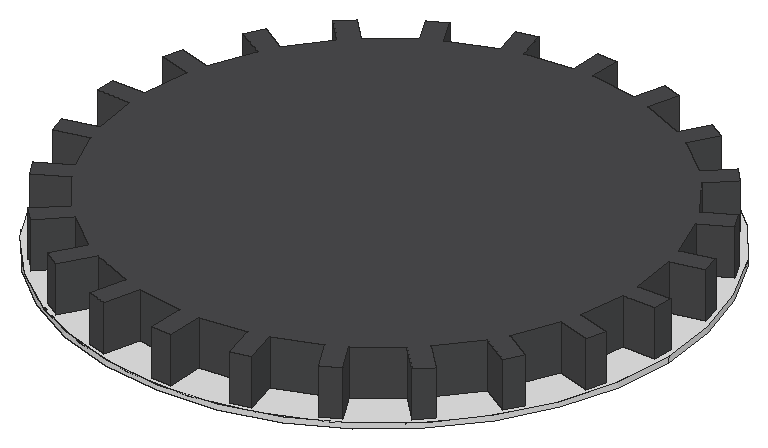
Revit family "DOWNLIGHT SLIM_LSD9WW", category Luminarias, Revit 2019
Family settings
  Cota de conector redondo = Diámetro de uso
  Tipo de pieza = Normal
  Se basa en plano de trabajo = Sí
  Siempre vertical = Sí
  Corte con vacíos al cargar = No
  Origen de luz = Sí
  Compartido = No
  Punto de cálculo de habitación = No
Parameters (values of type "DOWNLIGHT SLIM_LSD9WW")
  Ángulo de inclinación = 60.00°
  Zone [instance] = ""
  Watt per fixture = 9
  Wattage = 9 W
  built-in parameter 1150107 = 3000 (stored number, unit not read)
  built-in parameter 1150110 = 1 (stored number, unit not read)
  built-in parameter 1150109 = 1 (stored number, unit not read)
  built-in parameter 1150112 = 1 (stored number, unit not read)
  built-in parameter 1150113 = 1 (stored number, unit not read)
  built-in parameter 1114218 = 1 (stored number, unit not read)
  Keynote = ""
  built-in parameter 1150137 = (empty or 0)
  built-in parameter 1150132 = (empty or 0)
  Modelo = "LSD9WW"
  Lámpara = "2835 SMD"
  built-in parameter 1150105 = 57.081 (stored number, unit not read)
  built-in parameter 1150102 = (empty or 0)
  built-in parameter 1150106 = 0.57081 (stored number, unit not read)
  Lumens = 717.3 lm
  Color Filter = 16777215
  built-in parameter 1114217 = 1 (stored number, unit not read)
  built-in parameter 1150139 = (empty or 0)
  Fabricante = "BRILLANT"
  Default Elevation = 1219.2 mm
  built-in parameter 1150104 = 7.4044 (stored number, unit not read)
  Descripción = "LUMINARIA TIPO CIRCULAR PARA EMPOTRAR EN TECHO CON CUERPO DE ALUMINIO Y VIDRIO SATINADO, IP 33 USO PARA INTERIORES CON CUERPO DE 0.77KG, CUENTA CON 1 LED TIPO 2835SMD CON UNA POTENCIA TOTAL DE 9W, A UNA TEMPERATURA EN BLANCO CALIDO 3000K CON 718 LUMENES, EFICIENCIA DE 79.7LM/W, IRC 80, APERTURA A 120 GRADOS EN STOCK, 300mA EN CORRIENTE DE OPERACIÓN, CON FUENTE EXTERNA REMOTAS ALIMENTADA A 90-240V."
  built-in parameter 1150115 = 1 (stored number, unit not read)
  built-in parameter 1150114 = 1 (stored number, unit not read)
  Comentarios de vataje = "90-240V"
  built-in parameter 1150138 = (empty or 0)
  built-in parameter 1150134 = (empty or 0)
  Circuit [instance] = ""
  Dimming Lamp Color Temperature Shift = (empty or 0)
  Archivo de red fotométrica = "LSD9WW.ies"
  built-in parameter 1150133 = 10 (stored number, unit not read)
Reference planes
  plane 1 "Centro (Frontal/Posterior)": y = 0
  plane 2: z = 0
  plane 3 "Centro (Izquierda/Derecha)": x = 0
Forms (mm)
  Extrusion 1, solid, material "Cristal"
    sketch origin (0, 0, 0) x (1, 0, 0) y (0, 1, 0)
      loop
        circle (0, 0) r 60
    from -0.556 to 0
  Extrusion 2, solid, material "acabado blanco"
    sketch origin (0, 0, 0) x (1, 0, 0) y (0, 1, 0)
      loop
        circle (0, 0) r 75
      loop
        circle (0, 0) r 60
    from -1.355 to 0
  Extrusion 3, solid, material "Plastico"
    sketch origin (0, -0.049, 0.672) x (1, 0, 0) y (0, 1, 0)
      loop
        line (-2.5, 73.433) -> (-2.5, 65.687)
        arc (-2.5, 65.687) -> (-8.579, 65.167) -> (-14.582, 64.079) r 65
        line (-14.582, 64.079) -> (-16.591, 71.578) -> (-21.421, 70.284) -> (-19.407, 62.77)
        arc (-19.407, 62.77) -> (-25.132, 60.68) -> (-30.636, 58.063) r 65
        line (-30.636, 58.063) -> (-34.551, 64.845) -> (-38.881, 62.345) -> (-34.952, 55.538)
        arc (-34.952, 55.538) -> (-39.921, 52.032) -> (-44.541, 48.076) r 65
        line (-44.541, 48.076) -> (-50.157, 53.693) -> (-53.693, 50.157) -> (-48.048, 44.512)
        arc (-48.048, 44.512) -> (-51.918, 39.844) -> (-55.337, 34.836) r 65
        line (-55.337, 34.836) -> (-62.345, 38.881) -> (-64.845, 34.551) -> (-57.794, 30.481)
        arc (-57.794, 30.481) -> (-60.307, 24.986) -> (-62.298, 19.281) r 65
        line (-62.298, 19.281) -> (-70.284, 21.421) -> (-71.578, 16.591) -> (-63.539, 14.437)
        arc (-63.539, 14.437) -> (-64.534, 8.502) -> (-64.976, 2.5) r 65
        line (-64.976, 2.5) -> (-73.433, 2.5) -> (-73.433, -2.5) -> (-64.919, -2.5)
        arc (-64.919, -2.5) -> (-64.346, -8.466) -> (-63.225, -14.353) r 65
        line (-63.225, -14.353) -> (-71.578, -16.591) -> (-70.284, -21.421) -> (-61.878, -19.168)
        arc (-61.878, -19.168) -> (-59.791, -24.76) -> (-57.2, -30.138) r 65
        line (-57.2, -30.138) -> (-64.845, -34.551) -> (-62.345, -38.881) -> (-54.658, -34.443)
        arc (-54.658, -34.443) -> (-51.214, -39.292) -> (-47.341, -43.805) r 65
        line (-47.341, -43.805) -> (-53.693, -50.157) -> (-50.157, -53.693) -> (-43.777, -47.312)
        arc (-43.777, -47.312) -> (-39.216, -51.102) -> (-34.329, -54.46) r 65
        line (-34.329, -54.46) -> (-38.881, -62.345) -> (-34.551, -64.845) -> (-29.985, -56.935)
        arc (-29.985, -56.935) -> (-24.616, -59.423) -> (-19.044, -61.412) r 65
        line (-19.044, -61.412) -> (-21.421, -70.284) -> (-16.591, -71.578) -> (-14.21, -62.692)
        arc (-14.21, -62.692) -> (-8.39, -63.721) -> (-2.5, -64.217) r 65
        line (-2.5, -64.217) -> (-2.5, -73.433) -> (2.5, -73.433) -> (2.5, -64.217)
        arc (2.5, -64.217) -> (8.39, -63.721) -> (14.21, -62.692) r 65
        line (14.21, -62.692) -> (16.591, -71.578) -> (21.421, -70.284) -> (19.044, -61.412)
        arc (19.044, -61.412) -> (24.616, -59.423) -> (29.985, -56.935) r 65
        line (29.985, -56.935) -> (34.551, -64.845) -> (38.881, -62.345) -> (34.329, -54.46)
        arc (34.329, -54.46) -> (39.216, -51.102) -> (43.777, -47.312) r 65
        line (43.777, -47.312) -> (50.157, -53.693) -> (53.693, -50.157) -> (47.341, -43.805)
        arc (47.341, -43.805) -> (51.214, -39.292) -> (54.658, -34.443) r 65
        line (54.658, -34.443) -> (62.345, -38.881) -> (64.845, -34.551) -> (57.2, -30.138)
        arc (57.2, -30.138) -> (59.791, -24.76) -> (61.878, -19.168) r 65
        line (61.878, -19.168) -> (70.284, -21.421) -> (71.578, -16.591) -> (63.225, -14.353)
        arc (63.225, -14.353) -> (64.346, -8.466) -> (64.919, -2.5) r 65
        line (64.919, -2.5) -> (73.433, -2.5) -> (73.433, 2.5) -> (64.976, 2.5)
        arc (64.976, 2.5) -> (64.534, 8.502) -> (63.539, 14.437) r 65
        line (63.539, 14.437) -> (71.578, 16.591) -> (70.284, 21.421) -> (62.298, 19.281)
        arc (62.298, 19.281) -> (60.307, 24.986) -> (57.794, 30.481) r 65
        line (57.794, 30.481) -> (64.845, 34.551) -> (62.345, 38.881) -> (55.337, 34.836)
        arc (55.337, 34.836) -> (51.918, 39.844) -> (48.048, 44.512) r 65
        line (48.048, 44.512) -> (53.693, 50.157) -> (50.157, 53.693) -> (44.541, 48.076)
        arc (44.541, 48.076) -> (39.921, 52.032) -> (34.952, 55.538) r 65
        line (34.952, 55.538) -> (38.881, 62.345) -> (34.551, 64.845) -> (30.636, 58.063)
        arc (30.636, 58.063) -> (25.132, 60.68) -> (19.407, 62.77) r 65
        line (19.407, 62.77) -> (21.421, 70.284) -> (16.591, 71.578) -> (14.582, 64.079)
        arc (14.582, 64.079) -> (8.579, 65.167) -> (2.5, 65.687) r 65
        line (2.5, 65.687) -> (2.5, 73.433) -> (-2.5, 73.433)
    from -0.672 to 11.328
Lines and regions (mm)
  model lines
    curve 1: line (-2.5, 52.389, 0) -> (2.5, 52.389, 0)
    curve 2: line (0, 52.389, 0) -> (0, 0, 0)
Dimensions and locks
  Extrusion 3 to level = 12 mm
  diameter of Extrusion 2 sketch curve = 150 mm
  aligned and locked: level to plane 2
  aligned and locked: Extrusion 3 to level
Connectors
  electrical at (0, 0.135, 12)
    settings: on Extrusion 3, index 1, voltage 240 V, apparent load 0 VA, apparent load phase1 0 VA, apparent load phase2 0 VA, apparent load phase3 0 VA, power factor 1, load classification "Otro", number of poles 1, system type 31, power factor state 1, is connector primary yes, connector utility no, sub classification motor no, connector description ""
